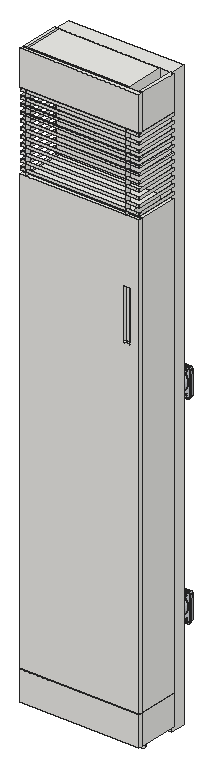
Revit family "57_CRD_ME_Ventura_V1C-C", category Mechanical Equipment, Revit 2020
Family settings
  Round Connector Dimension = Use Diameter
  Classification = None
  Part Type = Normal
  Work Plane-Based = Yes
  Always vertical = Yes
  Cut with Voids When Loaded = No
  Shared = No
  Room Calculation Point = Yes
Parameters (values of type "Ventura_V1C-C")
  voltage = 0 V
  roosters_hoh_maat [instance] = 880 mm
  rooster_offset_Y_onder [instance] = hoh_ventilatie_doorvoeren - roosters_hoh_maat + rooster_offset_Y_boven  # -70 mm
  rooster_offset_Y_boven [instance] = 300 mm
  rooster_offset_X [instance] = 100 mm
  positie_invoer_roosters [instance] = 1
  onderkant_unit_tov_vloerpeil = 0 mm
  muurrooster_waalformaat_rechts [instance] = and(positie_invoer_roosters = 3, muurrooster_waalformaat)  # no
  muurrooster_waalformaat_links [instance] = and(positie_invoer_roosters = 2, muurrooster_waalformaat)  # no
  muurrooster_waalformaat_achter [instance] = and(positie_invoer_roosters = 1, muurrooster_waalformaat)  # no
  muurrooster_waalformaat [instance] = not(muurrooster_vierkant)  # no
  muurrooster_vierkant_rechts [instance] = and(positie_invoer_roosters = 3, muurrooster_vierkant)  # no
  muurrooster_vierkant_links [instance] = and(positie_invoer_roosters = 2, muurrooster_vierkant)  # no
  muurrooster_vierkant_achter [instance] = and(positie_invoer_roosters = 1, muurrooster_vierkant)  # yes
  muurrooster_vierkant [instance] = yes
  materiaal_unit [instance] = Color RAL 9016
  materiaal_muurrooster [instance] = none
  materiaal_kanaal [instance] = none
  invoer_cv [instance] = 0.0 L/s
  hoh_ventilatie_doorvoeren [instance] = 510 mm  # constant formula
  hart_onderste_doorvoer = 250 mm
  hart_doorvoer_tov_wand = 150 mm
  eis_offset_Y [instance] = "negatief getal ivm ontwatering"  # constant formula
  dikte_binnenblad [instance] = 40 mm
  dikte_spouwconstructie [instance] = 400 mm
  diameter_cv = 15 mm
  diameter_condensafvoer = 16 mm  # constant formula
  diameter [instance] = if(connection_diameter_110, 110 mm, 150 mm)  # 150 mm
  debiet_m3h_max [instance] = 250.00 m³  # constant formula
  debiet_m3h [instance] = 100.00 m³
  debiet_Ls [instance] = 0.0 L/s
  connection_diameter_150 [instance] = yes
  connection_diameter_110 [instance] = not(connection_diameter_150)  # no
  breedte_unit = 520 mm
  afvoer_condenswater [instance] = 0.0 L/s
  Power = 0 VA
  Default Elevation = 1219.2 mm
  3=positie_invoer_roosters_rechts [instance] = positie_invoer_roosters = 3  # no
  2=positie_invoer_roosters_links [instance] = positie_invoer_roosters = 2  # no
  1=positie_invoer_roosters_achter [instance] = positie_invoer_roosters = 1  # yes
Reference planes
  plane 1 "Center (Front/Back)": y = 0
  plane 2: z = 0
  plane 3 "Center (Left/Right)": x = 0
  plane 4 "doorvoer_boven": z = 760
  plane 5 "doorvoer_onder": z = 250
  plane 6: y = -150
  plane 7: x = 260
  plane 8: x = -260
  plane 9: y = -100
  plane 10: x = 229
  plane 11 "cv": z = 2435.936
  plane 12: y = -190
Forms (mm)
  Extrusion 1, solid, material "Color RAL 9016" <- "materiaal_unit"
    sketch origin (0, 0, 2435.936) x (0, -1, 0) y (1, 0, 0)
      loop
        circle (150, 229) r 7.5
    from 0 to 10
  Extrusion 2, solid, material "Color RAL 9016" <- "materiaal_unit"
    sketch origin (0, 0, 2435.936) x (0, -1, 0) y (1, 0, 0)
      loop
        circle (100, 229) r 7.5
    from 0 to 10
  Extrusion 3, solid, material "Color RAL 9016" <- "materiaal_unit"
    sketch origin (0, 0, 0) x (1, 0, 0) y (0, 1, 0)
      loop
        circle (229, -190) r 8
    from 0 to -10
Dimensions and locks
  "hoh_ventilatie_doorvoeren": plane 4 "doorvoer_boven" to plane 5 "doorvoer_onder"
  "hart_onderste_doorvoer": plane 5 "doorvoer_onder" to plane 2
  "hart_doorvoer_tov_wand": plane 6 to plane 1 "Center (Front/Back)"
  equal spacing: plane 8, plane 3 "Center (Left/Right)", plane 7
  "breedte_unit": plane 8 to plane 7
  plane 1 "Center (Front/Back)" to plane 6 = 150 mm
  locked: plane 1 "Center (Front/Back)" to plane 9 at 100
  locked: plane 3 "Center (Left/Right)" to plane 10 at 229
  plane 1 "Center (Front/Back)" to plane 12 = 190 mm
  "diameter_cv": diameter of Extrusion 1 sketch curve
  "diameter_cv": diameter of Extrusion 2 sketch curve
  "diameter_condensafvoer": diameter of Extrusion 3 sketch curve
  aligned and locked: level to plane 2
  aligned and locked: plane 6 to nested 2
  aligned and locked: nested 2 to plane 7
  aligned and locked: plane 6 to nested 3
  aligned and locked: nested 8 to plane 6
  aligned and locked: nested 8 to plane 8
  aligned and locked: nested 9 to plane 6
  aligned and locked: nested 9 to plane 8
  aligned and locked: nested 4 to plane 3 "Center (Left/Right)"
  aligned and locked: nested 6 to plane 3 "Center (Left/Right)"
  aligned and locked: nested 4 to plane 1 "Center (Front/Back)"
  aligned and locked: nested 6 to plane 1 "Center (Front/Back)"
Automatic sketch dimensions
  Extrusion 1 sketch curve to plane 6 = 0 mm
  Extrusion 1 sketch curve to plane 10 = 0 mm
  Extrusion 2 sketch curve to plane 9 = 0 mm
  Extrusion 2 sketch curve to plane 10 = 0 mm
  Extrusion 3 sketch curve to plane 10 = 0 mm
  Extrusion 3 sketch curve to plane 12 = 0 mm
Nested families
  nested 1: "57_CRD_ME_Ventura_V1C-C_shared" at (0, 0, 0) x (1, 0, 0) z (0, -1, 0), built-in parameter 1001360 <- "onderkant_unit_tov_vloerpeil", materiaal_muurrooster <- "materiaal_muurrooster", debiet_m3h <- "debiet_m3h", muurrooster_vierkant <- "muurrooster_vierkant", Power <- "Power", diepte_aansluiting_muurrooster <- "dikte_spouwconstructie", lengte_recht_deel_aansluiting_muurrooster <- "dikte_binnenblad", materiaal_kanaal <- "materiaal_kanaal", materiaal_unit <- "materiaal_unit", rooster_offset_X <- "rooster_offset_X", rooster_offset_Y_boven <- "rooster_offset_Y_boven", rooster_offset_Y_onder <- "rooster_offset_Y_onder", Connection Diameter 150mm <- "connection_diameter_150", type "Venture V1C unit"
    with rooster_offset_Y_onder -70 mm, rooster_offset_Y_boven 300 mm, rooster_offset_X 100 mm, muurrooster_waalformaat no, muurrooster_vierkant yes, materiaal_unit Color RAL 9016, materiaal_muurrooster none, materiaal_kanaal none, lengte_recht_deel_aansluiting_muurrooster 40 mm, diepte_aansluiting_muurrooster 400 mm, debiet_m3h 100.00 m³, debiet_Ls 27.7778 L/s, Vertical Right1 no, Vertical Left1 no, Square White1 no, Square Grille Visible no, Square Grey1 no, Service Space no, Right Clearance 0 mm, Reference Line Ventilation Unit Length 260 mm, Reference Line Ventilation Unit Angle 180.00°, Reference Line Grid Length 96 mm, Reference Line Grid Angle 90.00°, Rectangular White1 no, Rectangular Grille Visible yes, Rectangular Brown1 yes, Rectangular Black1 no, Power 0 VA, Line Length 111.1 mm, Left Clearance 20 mm, Inside Diameter Wall Grille 180 mm, Horizontal Right1 no, Horizontal Left1 yes, Grille Wall Transit Length Safe 180 mm, Grille Wall Transit Length 220 mm, Function Code "", Double Rectangular White1 no, Double Rectangular Grille Visible no, Double Rectangular Brown1 no, Double Rectangular Black1 no, Diameter Wall Grille 180 mm, Connector Diameter 150 mm, Connection Diameter 150mm yes, Connection Diameter 110mm no
  nested 2: "57_CRD_AT_aansluiting_muurrooster_flex" at (260, -150, 250) x (0, 1, 0) z (0, 0, 1), materiaal_kanaal <- "materiaal_kanaal", materiaal_rooster <- "materiaal_muurrooster", diepte <- "dikte_spouwconstructie", lengte_recht_deel_aansluiting <- "dikte_binnenblad", offset_X <- "rooster_offset_X", offset_Y <- "rooster_offset_Y_onder", Connection Diameter 150 <- "connection_diameter_150", muurrooster_waalformaat <- "muurrooster_waalformaat_rechts", visible <- "3=positie_invoer_roosters_rechts", muurrooster_vierkant <- "muurrooster_vierkant_rechts", type "Grille"
    with rekenwaarde_offset_Y 930 mm, rekenwaarde_offset_X 1100 mm, offset_Y -70 mm, offset_X 100 mm, muurrooster_waalformaat no, muurrooster_vierkant no, materiaal_rooster none, materiaal_kanaal none, lengte_recht_deel_aansluiting 40 mm, diepte 400 mm, Tube Length 370 mm, R 75 mm, Diameter 150 mm, Connection Diameter 150 yes, Connection Diameter 110 no, Connection Diameter 150 mm
  nested 3: "57_CRD_AT_aansluiting_muurrooster_flex" at (260, -150, 760) x (0, 1, 0) z (0, 0, 1), materiaal_kanaal <- "materiaal_kanaal", materiaal_rooster <- "materiaal_muurrooster", diepte <- "dikte_spouwconstructie", lengte_recht_deel_aansluiting <- "dikte_binnenblad", offset_X <- "rooster_offset_X", offset_Y <- "rooster_offset_Y_boven", Connection Diameter 150 <- "connection_diameter_150", muurrooster_waalformaat <- "muurrooster_waalformaat_rechts", visible <- "3=positie_invoer_roosters_rechts", muurrooster_vierkant <- "muurrooster_vierkant_rechts", type "Grille"
    with rekenwaarde_offset_Y 1300 mm, rekenwaarde_offset_X 1100 mm, offset_Y 300 mm, offset_X 100 mm, muurrooster_waalformaat no, muurrooster_vierkant no, materiaal_rooster none, materiaal_kanaal none, lengte_recht_deel_aansluiting 40 mm, diepte 400 mm, Tube Length 370 mm, R 75 mm, Diameter 150 mm, Connection Diameter 150 yes, Connection Diameter 110 no, Connection Diameter 150 mm
  nested 4: "57_CRD_AT_aansluiting_muurrooster_flex" at (0, 0, 760) x (-1, 0, 0) z (0, 0, 1), materiaal_kanaal <- "materiaal_kanaal", materiaal_rooster <- "materiaal_muurrooster", diepte <- "dikte_spouwconstructie", lengte_recht_deel_aansluiting <- "dikte_binnenblad", offset_X <- "rooster_offset_X", offset_Y <- "rooster_offset_Y_boven", Connection Diameter 150 <- "connection_diameter_150", muurrooster_waalformaat <- "muurrooster_waalformaat_achter", visible <- "1=positie_invoer_roosters_achter", muurrooster_vierkant <- "muurrooster_vierkant_achter", type "Grille"
    with rekenwaarde_offset_Y 1300 mm, rekenwaarde_offset_X 1100 mm, offset_Y 300 mm, offset_X 100 mm, muurrooster_waalformaat no, muurrooster_vierkant yes, materiaal_rooster none, materiaal_kanaal none, lengte_recht_deel_aansluiting 40 mm, diepte 400 mm, Tube Length 370 mm, R 75 mm, Diameter 150 mm, Connection Diameter 150 yes, Connection Diameter 110 no, Connection Diameter 150 mm
  nested 5: "Square Grille" at (-100, 400.025, 1060) x (-1, 0, 0) z (0, 0, 1), type "Square Grille"
    with materiaal none, Function Code ""
  nested 6: "57_CRD_AT_aansluiting_muurrooster_flex" at (0, 0, 250) x (-1, 0, 0) z (0, 0, 1), materiaal_kanaal <- "materiaal_kanaal", materiaal_rooster <- "materiaal_muurrooster", diepte <- "dikte_spouwconstructie", lengte_recht_deel_aansluiting <- "dikte_binnenblad", offset_X <- "rooster_offset_X", offset_Y <- "rooster_offset_Y_onder", Connection Diameter 150 <- "connection_diameter_150", muurrooster_waalformaat <- "muurrooster_waalformaat_achter", visible <- "1=positie_invoer_roosters_achter", muurrooster_vierkant <- "muurrooster_vierkant_achter", type "Grille"
    with rekenwaarde_offset_Y 930 mm, rekenwaarde_offset_X 1100 mm, offset_Y -70 mm, offset_X 100 mm, muurrooster_waalformaat no, muurrooster_vierkant yes, materiaal_rooster none, materiaal_kanaal none, lengte_recht_deel_aansluiting 40 mm, diepte 400 mm, Tube Length 370 mm, R 75 mm, Diameter 150 mm, Connection Diameter 150 yes, Connection Diameter 110 no, Connection Diameter 150 mm
  nested 7: "Square Grille" at (-100, 400.025, 180) x (-1, 0, 0) z (0, 0, 1), type "Square Grille"
    with materiaal none, Function Code ""
  nested 8: "57_CRD_AT_aansluiting_muurrooster_flex" at (-260, -150, 250) x (0, -1, 0) z (0, 0, 1), materiaal_kanaal <- "materiaal_kanaal", materiaal_rooster <- "materiaal_muurrooster", diepte <- "dikte_spouwconstructie", lengte_recht_deel_aansluiting <- "dikte_binnenblad", offset_X <- "rooster_offset_X", offset_Y <- "rooster_offset_Y_onder", Connection Diameter 150 <- "connection_diameter_150", muurrooster_waalformaat <- "muurrooster_waalformaat_links", visible <- "2=positie_invoer_roosters_links", muurrooster_vierkant <- "muurrooster_vierkant_links", type "Grille"
    with rekenwaarde_offset_Y 930 mm, rekenwaarde_offset_X 1100 mm, offset_Y -70 mm, offset_X 100 mm, muurrooster_waalformaat no, muurrooster_vierkant no, materiaal_rooster none, materiaal_kanaal none, lengte_recht_deel_aansluiting 40 mm, diepte 400 mm, Tube Length 370 mm, R 75 mm, Diameter 150 mm, Connection Diameter 150 yes, Connection Diameter 110 no, Connection Diameter 150 mm
  nested 9: "57_CRD_AT_aansluiting_muurrooster_flex" at (-260, -150, 760) x (0, -1, 0) z (0, 0, 1), materiaal_kanaal <- "materiaal_kanaal", materiaal_rooster <- "materiaal_muurrooster", diepte <- "dikte_spouwconstructie", lengte_recht_deel_aansluiting <- "dikte_binnenblad", offset_X <- "rooster_offset_X", offset_Y <- "rooster_offset_Y_boven", Connection Diameter 150 <- "connection_diameter_150", muurrooster_waalformaat <- "muurrooster_waalformaat_links", visible <- "2=positie_invoer_roosters_links", muurrooster_vierkant <- "muurrooster_vierkant_links", type "Grille"
    with rekenwaarde_offset_Y 1300 mm, rekenwaarde_offset_X 1100 mm, offset_Y 300 mm, offset_X 100 mm, muurrooster_waalformaat no, muurrooster_vierkant no, materiaal_rooster none, materiaal_kanaal none, lengte_recht_deel_aansluiting 40 mm, diepte 400 mm, Tube Length 370 mm, R 75 mm, Diameter 150 mm, Connection Diameter 150 yes, Connection Diameter 110 no, Connection Diameter 150 mm
Connectors
  electrical at (0, 0, 1293.5), driven by "voltage"
    settings: on nested 1, index 1, voltage 0 V, apparent load 0 VA, apparent load phase1 0 VA, apparent load phase2 0 VA, apparent load phase3 0 VA, power factor 1, load classification "Other", number of poles 1, system type 31, power factor state 1, is connector primary yes, connector utility no, sub classification motor no, connector description ""
  hvac at (260, -150, 250), driven by "debiet_Ls", driven by "diameter"
    settings: on nested 2, index 2, duct flow 0.0 L/s, flow factor 0, pres drop 0.0 Pa, loss coef 0, conn angle 0.00°, conn width 304.8 mm, conn height 304.8 mm, conn diameter 150 mm, duct sys type 1, conn prof type 0, flow config 0, flow direction 1, loss method 0, conn ref index -1, conn util no, is conn primary yes, conn desc ""
  hvac at (260, -150, 760), driven by "debiet_Ls", driven by "diameter"
    settings: on nested 3, index 3, duct flow 0.0 L/s, flow factor 0, pres drop 0.0 Pa, loss coef 0, conn angle 0.00°, conn width 304.8 mm, conn height 304.8 mm, conn diameter 150 mm, duct sys type 2, conn prof type 0, flow config 0, flow direction 2, loss method 0, conn ref index -1, conn util no, is conn primary no, conn desc ""
  hvac at (-260, -150, 760), driven by "diameter", driven by "debiet_Ls"
    settings: on nested 9, index 4, duct flow 0.0 L/s, flow factor 0, pres drop 0.0 Pa, loss coef 0, conn angle 0.00°, conn width 304.8 mm, conn height 304.8 mm, conn diameter 150 mm, duct sys type 2, conn prof type 0, flow config 0, flow direction 2, loss method 0, conn ref index -1, conn util no, is conn primary no, conn desc ""
  hvac at (-260, -150, 250), driven by "diameter", driven by "debiet_Ls"
    settings: on nested 8, index 5, duct flow 0.0 L/s, flow factor 0, pres drop 0.0 Pa, loss coef 0, conn angle 0.00°, conn width 304.8 mm, conn height 304.8 mm, conn diameter 150 mm, duct sys type 1, conn prof type 0, flow config 0, flow direction 1, loss method 0, conn ref index -1, conn util no, is conn primary no, conn desc ""
  hvac at (0, 0, 760), driven by "diameter", driven by "debiet_Ls"
    settings: on nested 4, index 6, duct flow 0.0 L/s, flow factor 0, pres drop 0.0 Pa, loss coef 0, conn angle 0.00°, conn width 304.8 mm, conn height 304.8 mm, conn diameter 150 mm, duct sys type 2, conn prof type 0, flow config 0, flow direction 2, loss method 0, conn ref index -1, conn util no, is conn primary no, conn desc ""
  hvac at (0, 0, 250), driven by "diameter", driven by "debiet_Ls"
    settings: on nested 6, index 7, duct flow 0.0 L/s, flow factor 0, pres drop 0.0 Pa, loss coef 0, conn angle 0.00°, conn width 304.8 mm, conn height 304.8 mm, conn diameter 150 mm, duct sys type 1, conn prof type 0, flow config 0, flow direction 1, loss method 0, conn ref index -1, conn util no, is conn primary no, conn desc ""
  piping at (229, -150, 2445.936), diameter 15, driven by "diameter_cv", driven by "invoer_cv"
    settings: on Extrusion 1, index 8, connector inside diameter 609.6 mm, connector length 0 mm, flow factor 0, pipe flow 0.0 L/s, pressure drop 0.0 Pa, fitting loss kfactor 0, connector angle 0.00°, fixture units 0, engagement length 0 mm, angle of deflection 0.00°, flow configuration 0, flow direction 1, fitting loss method 0, system type 7, joint type 0, gender type 0, connector reference index -1, connector utility 0, adjustable connector no, is connector primary yes, connector description ""
  piping at (229, -100, 2445.936), diameter 15, driven by "diameter_cv", driven by "invoer_cv"
    settings: on Extrusion 2, index 9, connector inside diameter 609.6 mm, connector length 0 mm, flow factor 0, pipe flow 0.0 L/s, pressure drop 0.0 Pa, fitting loss kfactor 0, connector angle 0.00°, fixture units 0, engagement length 0 mm, angle of deflection 0.00°, flow configuration 0, flow direction 2, fitting loss method 0, system type 8, joint type 0, gender type 0, connector reference index -1, connector utility 0, adjustable connector no, is connector primary no, connector description ""
  piping at (229, -190, -10), diameter 16, driven by "afvoer_condenswater", driven by "diameter_condensafvoer"
    settings: on Extrusion 3, index 10, connector inside diameter 609.6 mm, connector length 0 mm, flow factor 0, pipe flow 0.0 L/s, pressure drop 0.0 Pa, fitting loss kfactor 0, connector angle 0.00°, fixture units 0, engagement length 0 mm, angle of deflection 0.00°, flow configuration 1, flow direction 2, fitting loss method 0, system type 16, joint type 0, gender type 0, connector reference index -1, connector utility 0, adjustable connector no, is connector primary no, connector description ""
Definition of nested family "57_CRD_ME_Ventura_V1C-C_shared"
  Parameters (values of type "Mounting Position - Vertical Left Corner")
    rooster_offset_Y_onder [instance] = 100 mm
    rooster_offset_Y_boven [instance] = -100 mm
    rooster_offset_X [instance] = -100 mm
    muurrooster_waalformaat [instance] = not(muurrooster_vierkant)  # no
    muurrooster_vierkant [instance] = yes
    materiaal_unit [instance] = none
    materiaal_muurrooster [instance] = none
    materiaal_kanaal [instance] = none
    lengte_recht_deel_aansluiting_muurrooster [instance] = 40 mm
    diepte_aansluiting_muurrooster [instance] = 210 mm
    debiet_m3h [instance] = 100.00 m³
    debiet_Ls [instance] = debiet_m3h / 3600.0 s  # 27.7778 L/s
    Width = 520 mm
    Wholesaler Art. No. = ""
    Wholesaler = ""
    Watermarked By = "https://mep.trimble.com"
    Voltage = 230 V
    Vertical Right1 [instance] = if(Mounting = Vertical Right, 1 = 1, 1 = 0)  # no
    Vertical Right = Position : Vertical, Right Corner
    Vertical Left1 [instance] = if(Mounting = Vertical Left, 1 = 1, 1 = 0)  # yes
    Vertical Left = Position : Vertical, Left Corner
    URL = "https://mep.trimble.com"
    Square White1 [instance] = no
    Square Grille Visible [instance] = if(or(Square Grey1, Square White1), 1 = 1, 1 = 0)  # no
    Square Grey1 [instance] = no
    Service Space [instance] = no
    Stabu Code = ""
    Right Clearance [instance] = if(or(Horizontal Right1, Vertical Left1), 20 mm, 0 mm)  # 20 mm
    Revit Version = "2018"  # constant formula
    Reference Line Grid Length [instance] = if(or(Horizontal Left1, Horizontal Right1), 96 mm, 260 mm)  # 260 mm
    Reference Line Grid Angle [instance] = if(Vertical Left1, 0.00°, if(Vertical Right1, 180.00°, 90.00°))  # 0.00°
    Rectangular White1 [instance] = no
    Rectangular Grille Visible [instance] = if(or(Rectangular Black1, Rectangular White1, Rectangular Brown1), 1 = 1, 1 = 0)  # yes
    Rectangular Brown1 [instance] = yes
    Rectangular Black1 [instance] = no
    Product Line = "ClimaRad"  # constant formula
    Power [instance] = 0 VA
    Mounting = Position : Vertical, Left Corner
    Model = "Ventura V1C"
    Manufacturer URL = "https://www.climarad.nl/producten/actueel/climarad-ventura/"
    Manufacturer Art. No. = "3540300"
    Manufacturer = "ClimaRad"  # constant formula
    MEPcontent Class = "VENTILATION_UNIT"  # constant formula
    Reference Line Ventilation Unit Length [instance] = if(or(Vertical Left1, Vertical Right1), 100.3 mm, 260 mm)  # 100.3 mm
    Line Length [instance] = if(Connection Diameter 110mm, 86.4 mm, 111.1 mm)  # 111.1 mm
    Left Clearance [instance] = if(or(Horizontal Left1, Vertical Right1), 20 mm, 0 mm)  # 0 mm
    Internal Art. No. = ""
    Inside Diameter Wall Grille [instance] = if(Connection Diameter 150mm, 180 mm, 140 mm)  # 180 mm
    IFCExportType = "NOTDEFINED"  # constant formula
    IFCExportAs = "IfcAirTerminal"  # constant formula
    Horizontal Right1 [instance] = if(Mounting = Horizontal Right, 1 = 1, 1 = 0)  # no
    Horizontal Right = Position : Horizontal, Right Corner
    Horizontal Left1 [instance] = if(Mounting = Horizontal Left, 1 = 1, 1 = 0)  # no
    Horizontal Left = Position : Horizontal, Left Corner
    Height = 2587 mm
    Grille Wall Transit Length Safe [instance] = 180 mm
    Grille Wall Transit Length [instance] = 220 mm
    GTIN = ""
    GLN = "8719279000001"
    Function Code [instance] = ""  # constant formula
    Family Version = "11.26"  # constant formula
    ETIM Article Class = "EC010004"  # constant formula
    EMCS Version = "4.0"  # constant formula
    Double Rectangular White1 [instance] = no
    Double Rectangular Grille Visible [instance] = if(or(Double Rectangular Brown1, Double Rectangular Black1, Double Rectangular White1), 1 = 1, 1 = 0)  # no
    Double Rectangular Brown1 [instance] = no
    Double Rectangular Black1 [instance] = no
    Diameter Wall Grille [instance] = if(Connection Diameter 110mm, 140 mm, 180 mm)  # 180 mm
    Description = "Ventileren, verwarmen en koelen"
    Depth = 254 mm
    Default Elevation = 0 mm
    Custom = no
    Copyright = "© Trimble Europe BV"  # constant formula
    Content Supplier URL = "www.MEPcontent.com"
    Connection Diameter 150mm [instance] = yes
    Connection Diameter 110mm [instance] = not(Connection Diameter 150mm)  # no
    Connector Diameter [instance] = if(Connection Diameter 150mm, 150 mm, 110 mm)  # 150 mm
    CB-NL Class = ""
    Base Family Version = "12.19"  # constant formula
    Article Type = "Ventura V1C"
    Article Description = "Ventileren, verwarmen en koelen"
    Reference Line Ventilation Unit Angle [instance] = if(Horizontal Left1, 180.00°, if(Horizontal Right1, 0.00°, 90.00°))  # 90.00°
  Types (4, lengths in mm): name | Vertical Right1 | Vertical Left1 | Right Clearance | Reference Line Grid Length | Reference Line Grid Angle | Mounting | Reference Line Ventilation Unit Length | Left Clearance | Horizontal Right1 | Horizontal Left1 | Height | Depth | Reference Line Ventilation Unit Angle
    Mounting Position - Vertical Left Corner | no | yes | 20 | 260 | 0.00° | Position : Vertical, Left Corner | 100.3 | 0 | no | no | 2587 | 254 | 90.00°
    Mounting Position - Vertical Right Corner | yes | no | 0 | 260 | 180.00° | Position : Vertical, Right Corner | 100.3 | 20 | no | no | 2285 | 200 | 90.00°
    Mounting Position - Horizontal Right Corner | no | no | 20 | 96 | 90.00° | Position : Horizontal, Right Corner | 260 | 0 | yes | no | 2285 | 200 | 0.00°
    Mounting Position - Horizontal Left Corner | no | no | 0 | 96 | 90.00° | Position : Horizontal, Left Corner | 260 | 20 | no | yes | 2587 | 254 | 180.00°
  Reference planes
    plane 1 "Center (Front/Back)": y = 0
    plane 2: z = 0
    plane 3 "Center (Left/Right)": x = 0
    plane 4: z = 150
    plane 5: y = 250
    plane 6: y = 760
    plane 7: z = 150
    plane 8: x = 0
    plane 9: y = 250
    plane 10: y = 760
    plane 11: y = 1792
    plane 12: z = 150
    plane 13: y = 760
    plane 14: y = 250
    plane 15: z = 104.3
    plane 16: z = 100
    plane 17: y = 0
    plane 18: y = 2093.425
    plane 19: x = -260
    plane 20: y = 2276.379
    plane 21: y = 2280
    plane 22: z = 15
    plane 23: y = 2587
    plane 24 "front": z = 254
    plane 25: x = -260
    plane 26: x = 260
    plane 27: y = 2435.936
    plane 28: y = 497.575
    plane 29 "Center L/S": z = 250
    plane 30 "front_achterpaneel": z = 65
    plane 31: x = -251
    plane 32: x = 251
    plane 33: y = 21.998
    plane 34: y = 151.998
    plane 35: y = 155.998
    plane 36: y = -1912.425
  Forms (mm)
    Extrusion 1, solid, not visible
      sketch origin (0, 780.8, 0) x (1, 0, 0) y (0, 1, 0)
        loop
          line (-1219.2, 2019.2) -> (-1219.2, -1219.2) -> (1219.2, -1219.2) -> (1219.2, 2019.2) -> (-1219.2, 2019.2)
      from 0 to -304.8
    Extrusion 2, solid, material <- "materiaal_unit", detail levels fine
      sketch origin (202.037, 1919.7, 0) x (0, -1, 0) y (0, 0, -1)
        loop
          circle (1669.7, -150) r 90
        loop
          circle (1159.7, -150) r 90
      from 0 to 46
    Extrusion 3, solid, material <- "materiaal_unit", detail levels fine
      sketch origin (-237.963, 1919.7, 0) x (0, -1, 0) y (0, 0, 1)
        loop
          circle (1669.7, 150) r 90
        loop
          circle (1159.7, 150) r 90
      from 0 to 10.037
    Extrusion 4, solid, material <- "materiaal_unit", detail levels fine
      sketch origin (0, 0, 254) x (1, 0, 0) y (0, 1, 0)
        loop
          line (-260, 155.998) -> (-248, 155.998) -> (-248, 2093.425) -> (-260, 2093.425) -> (-260, 155.998)
      from -20 to -189
    Extrusion 5, solid, material <- "materiaal_unit", detail levels fine
      sketch origin (0, 0, 254) x (1, 0, 0) y (0, -1, 0)
        loop
          line (-260, -2093.425) -> (260, -2093.425) -> (260, -155.998) -> (-260, -155.998) -> (-260, -2093.425)
        loop
          line (197.5, -1816) -> (217.5, -1816)
          arc (217.5, -1816) -> (221.036, -1814.536) -> (222.5, -1811) r 5
          line (222.5, -1811) -> (222.5, -1597)
          arc (222.5, -1597) -> (221.036, -1593.464) -> (217.5, -1592) r 5
          line (217.5, -1592) -> (197.5, -1592)
          arc (197.5, -1592) -> (193.964, -1593.464) -> (192.5, -1597) r 5
          line (192.5, -1597) -> (192.5, -1811)
          arc (192.5, -1811) -> (193.964, -1814.536) -> (197.5, -1816) r 5
      from 0 to 13
    Extrusion 6, solid, material <- "materiaal_unit", detail levels fine
      sketch origin (0, 0, 254) x (1, 0, 0) y (0, 1, 0)
        loop
          line (248, 155.998) -> (260, 155.998) -> (260, 2093.425) -> (248, 2093.425) -> (248, 155.998)
      from -20 to -189
    Extrusion 7, solid, material <- "materiaal_unit", detail levels fine
      sketch origin (0, 0, 0) x (1, 0, 0) y (0, 1, 0)
        loop
          line (-237.963, 2093.425) -> (-237.963, 21.998) -> (202.037, 21.998) -> (202.037, 2093.425) -> (-237.963, 2093.425)
      from 65 to 234
    Extrusion 8, solid, material <- "materiaal_unit", detail levels coarse+medium
      sketch origin (0, 0, 0) x (1, 0, 0) y (0, 1, 0)
        loop
          line (260, 2587) -> (-260, 2587) -> (-260, 21.998) -> (260, 21.998) -> (260, 2587)
      from 65 to 254
    Extrusion 9, solid, material <- "materiaal_unit", detail levels fine
      sketch origin (-260, 1951.479, 7) x (1, 0, 0) y (0, 0, -1)
        loop
          line (0, -58) -> (0, -244.8)
          arc (0, -244.8) -> (0.644, -246.356) -> (2.2, -247) r 2.2
          line (2.2, -247) -> (517.8, -247)
          arc (517.8, -247) -> (519.356, -246.356) -> (520, -244.8) r 2.2
          line (520, -244.8) -> (520, -58) -> (518.8, -58) -> (518.8, -243.8)
          arc (518.8, -243.8) -> (518.507, -244.507) -> (517.8, -244.8) r 1
          line (517.8, -244.8) -> (2.2, -244.8)
          arc (2.2, -244.8) -> (1.493, -244.507) -> (1.2, -243.8) r 1
          line (1.2, -243.8) -> (1.2, -58) -> (0, -58)
      from 141.946 to 484.457
    Extrusion 10, void
      sketch origin (0, 0, 0) x (1, 0, 0) y (0, 1, 0)
        loop
          line (313.8, 2111.425) -> (-292.828, 2111.425) -> (-292.828, 2093.425) -> (313.8, 2093.425) -> (313.8, 2111.425)
        loop
          line (313.8, 2141.936) -> (-292.828, 2141.936) -> (-292.828, 2121.936) -> (313.8, 2121.936) -> (313.8, 2141.936)
        loop
          line (313.8, 2172.936) -> (-292.828, 2172.936) -> (-292.828, 2152.936) -> (313.8, 2152.936) -> (313.8, 2172.936)
        loop
          line (313.8, 2203.936) -> (-292.828, 2203.936) -> (-292.828, 2183.936) -> (313.8, 2183.936) -> (313.8, 2203.936)
        loop
          line (313.8, 2234.936) -> (-292.828, 2234.936) -> (-292.828, 2214.936) -> (313.8, 2214.936) -> (313.8, 2234.936)
        loop
          line (313.8, 2265.936) -> (-292.828, 2265.936) -> (-292.828, 2245.936) -> (313.8, 2245.936) -> (313.8, 2265.936)
        loop
          line (313.8, 2296.936) -> (-292.828, 2296.936) -> (-292.828, 2276.936) -> (313.8, 2276.936) -> (313.8, 2296.936)
        loop
          line (313.8, 2327.936) -> (-292.828, 2327.936) -> (-292.828, 2307.936) -> (313.8, 2307.936) -> (313.8, 2327.936)
        loop
          line (313.8, 2358.936) -> (-292.828, 2358.936) -> (-292.828, 2338.936) -> (313.8, 2338.936) -> (313.8, 2358.936)
        loop
          line (313.8, 2389.936) -> (-292.828, 2389.936) -> (-292.828, 2369.936) -> (313.8, 2369.936) -> (313.8, 2389.936)
        loop
          line (313.8, 2420.936) -> (-292.828, 2420.936) -> (-292.828, 2400.936) -> (313.8, 2400.936) -> (313.8, 2420.936)
        loop
          line (313.8, 2435.936) -> (-292.828, 2435.936) -> (-292.828, 2431.936) -> (313.8, 2431.936) -> (313.8, 2435.936)
      from 0 to 254 <- "Depth"
    Extrusion 11, solid, material <- "materiaal_unit", detail levels fine
      sketch origin (-257.8, 1951.479, 251.8) x (0, -1, 0) y (-1, 0, 0)
        loop
          line (-141.946, -19.837) -> (-484.457, -19.837) -> (-484.457, -21.6) -> (-141.946, -21.6) -> (-141.946, -19.837)
        loop
          line (-141.946, -458) -> (-484.457, -458) -> (-484.457, -459.837) -> (-141.946, -459.837) -> (-141.946, -458)
      from 0 to 22.6
    Extrusion 12, solid, material <- "materiaal_unit", detail levels fine
      sketch origin (0, 0, 0) x (1, 0, 0) y (0, 1, 0)
        loop
          line (-237.963, 2587) -> (-237.963, 2435.936) -> (202.037, 2435.936) -> (202.037, 2587) -> (-237.963, 2587)
      from 65 to 234
    Extrusion 13, solid, material <- "materiaal_unit", detail levels fine
      sketch origin (0, 0, 254) x (1, 0, 0) y (0, 1, 0)
        loop
          line (-260, 2435.936) -> (-248, 2435.936) -> (-248, 2587) -> (-260, 2587) -> (-260, 2435.936)
      from -20 to -189
    Extrusion 14, solid, material <- "materiaal_unit", detail levels fine
      sketch origin (0, 0, 254) x (1, 0, 0) y (0, -1, 0)
        loop
          line (-260, -2587) -> (260, -2587) -> (260, -2435.936) -> (-260, -2435.936) -> (-260, -2587)
      from 0 to 13
    Extrusion 15, solid, material <- "materiaal_unit", detail levels fine
      sketch origin (0, 0, 254) x (1, 0, 0) y (0, 1, 0)
        loop
          line (248, 2435.936) -> (260, 2435.936) -> (260, 2587) -> (248, 2587) -> (248, 2435.936)
      from -20 to -189
    Extrusion 16, solid, material <- "materiaal_unit"
      sketch origin (0, 0, 0) x (1, 0, 0) y (0, 1, 0)
        loop
          line (251, 2587) -> (-251, 2587) -> (-251, 0) -> (251, 0) -> (251, 2587)
      from 0 to 65
    Extrusion 17, solid, material <- "materiaal_unit", detail levels fine
      sketch origin (0, -2410, 254) x (1, 0, 0) y (0, 1, 0)
        loop
          line (-260, 2431.998) -> (-248, 2431.998) -> (-248, 2561.998) -> (-260, 2561.998) -> (-260, 2431.998)
      from -20 to -189
    Extrusion 18, solid, material <- "materiaal_unit", detail levels fine
      sketch origin (0, -2410, 254) x (1, 0, 0) y (0, -1, 0)
        loop
          line (-260, -2561.998) -> (260, -2561.998) -> (260, -2431.998) -> (-260, -2431.998) -> (-260, -2561.998)
      from 0 to 13
    Extrusion 19, solid, material <- "materiaal_unit", detail levels fine
      sketch origin (0, -2410, 254) x (1, 0, 0) y (0, 1, 0)
        loop
          line (248, 2431.998) -> (260, 2431.998) -> (260, 2561.998) -> (248, 2561.998) -> (248, 2431.998)
      from -20 to -189
  Cuts and joins
    joined: Extrusion 2, Extrusion 3
    joined: Extrusion 7, Extrusion 11
    Extrusion 10 cuts Extrusion 9
  Dimensions and locks
    plane 4 to level = 150 mm
    plane 5 to plane 6 = 510 mm
    plane 1 "Center (Front/Back)" to plane 9 = 250 mm
    Extrusion 6 sketch curve to Extrusion 5 = 12 mm
    Extrusion 5 to Extrusion 4 sketch curve = 12 mm
    Extrusion 8 to plane 18 = 493.575 mm
    "Height": plane 23 to plane 17
    equal spacing: plane 25, plane 3 "Center (Left/Right)", plane 26
    "Width": plane 25 to plane 26
    plane 27 to plane 18 = 342.511 mm
    Extrusion 15 sketch curve to Extrusion 14 = 12 mm
    Extrusion 14 to Extrusion 13 sketch curve = 12 mm
    locked: plane 24 "front" to plane 29 "Center L/S" at 4
    plane 24 "front" to level = 254 mm
    plane 30 "front_achterpaneel" to plane 2 = 65 mm
    locked: plane 25 to plane 31 at 9
    locked: plane 32 to plane 26 at 9
    plane 33 to plane 1 "Center (Front/Back)" = 21.998 mm
    plane 35 to plane 34 = 4 mm
    plane 34 to plane 33 = 130 mm
    Extrusion 19 sketch curve to Extrusion 18 = 12 mm
    Extrusion 18 to Extrusion 17 sketch curve = 12 mm
    "Diameter Wall Grille": diameter of Extrusion 2 sketch curve  (x2)
    "Diameter Wall Grille": diameter of Extrusion 3 sketch curve  (x2)
    aligned and locked: plane 2 to Extrusion 1
    aligned and locked: level to Extrusion 1
    aligned and locked: Extrusion 4 to Extrusion 6  (x2)
    aligned and locked: plane 4 to Extrusion 2 sketch curve
    aligned and locked: plane 7 to Extrusion 3 sketch curve
    aligned and locked: plane 14 to Extrusion 3 sketch curve
    aligned and locked: plane 17 to plane 1 "Center (Front/Back)"
    aligned and locked: plane 23 to Extrusion 8 sketch curve
    aligned and locked: Extrusion 8 sketch curve to plane 25
    aligned and locked: plane 26 to Extrusion 8 sketch curve
    aligned and locked: plane 18 to Extrusion 6
    aligned and locked: plane 18 to Extrusion 4
    aligned and locked: plane 18 to cut or joined group of Extrusion 7, Extrusion 11
    aligned and locked: Extrusion 11 sketch curve to plane 27
    aligned and locked: Extrusion 11 sketch curve to plane 18
    aligned and locked: Extrusion 12 sketch curve to plane 23
    aligned and locked: plane 27 to Extrusion 12 sketch curve
    aligned and locked: Extrusion 13 to Extrusion 15
    aligned and locked: plane 27 to Extrusion 14 sketch curve
    aligned and locked: plane 27 to Extrusion 15 sketch curve
    aligned and locked: plane 27 to Extrusion 13 sketch curve
    aligned and locked: Extrusion 8 to plane 24 "front"
    aligned and locked: plane 30 "front_achterpaneel" to Extrusion 8
    aligned and locked: Extrusion 8 to Extrusion 6
    aligned and locked: plane 30 "front_achterpaneel" to Extrusion 9 sketch curve
    aligned and locked: Extrusion 9 sketch curve to plane 30 "front_achterpaneel"
    aligned and locked: Extrusion 12 to Extrusion 4
    aligned and locked: Extrusion 4 to Extrusion 12
    aligned and locked: Extrusion 5 to Extrusion 10
    aligned and locked: plane 32 to Extrusion 16 sketch curve
    aligned and locked: Extrusion 16 sketch curve to plane 31
    aligned and locked: plane 23 to Extrusion 16 sketch curve
    aligned and locked: plane 35 to Extrusion 4 sketch curve
    aligned and locked: plane 35 to Extrusion 6 sketch curve
    aligned and locked: plane 35 to Extrusion 5 sketch curve
    aligned and locked: Extrusion 17 to Extrusion 19
    aligned and locked: plane 33 to Extrusion 18 sketch curve
    aligned and locked: Extrusion 18 sketch curve to plane 34
    aligned and locked: Extrusion 18 sketch curve to plane 26
    aligned and locked: plane 25 to Extrusion 18 sketch curve
    aligned and locked: plane 33 to Extrusion 17 sketch curve
    aligned and locked: Extrusion 17 sketch curve to plane 34
    aligned and locked: plane 33 to Extrusion 19 sketch curve
    aligned and locked: plane 34 to Extrusion 19 sketch curve
    aligned and locked: Extrusion 8 sketch curve to plane 33
    aligned and locked: plane 33 to Extrusion 7 sketch curve
  Automatic sketch dimensions
    Extrusion 1 sketch curve to Extrusion 1 sketch curve = 2438.4 mm
    Extrusion 1 sketch curve to Extrusion 1 sketch curve = 3238.4 mm
    Extrusion 4 sketch curve to plane 18 = 0 mm
    Extrusion 4 sketch curve to plane 19 = 0 mm
    Extrusion 5 sketch curve to plane 19 = 0 mm
    Extrusion 5 sketch curve to plane 26 = 0 mm
    Extrusion 5 sketch curve to plane 18 = 0 mm
    Extrusion 5 sketch curve to plane 32 = 58.5 mm
    Extrusion 5 sketch curve to Extrusion 5 sketch curve = 5 mm  (x3)
    Extrusion 5 sketch curve to Extrusion 5 sketch curve = 20 mm  (x2)
    Extrusion 5 sketch curve to plane 11 = 200 mm
    plane 11 to Extrusion 5 sketch curve = 19 mm
    Extrusion 6 sketch curve to plane 26 = 0 mm
    Extrusion 6 sketch curve to plane 18 = 0 mm
    Extrusion 7 sketch curve to plane 18 = 0 mm
    plane 31 to Extrusion 7 sketch curve = 13.037 mm
    Extrusion 7 sketch curve to plane 32 = 48.963 mm
    plane 19 to Extrusion 9 sketch curve = 0 mm
    Extrusion 9 sketch curve to plane 24 "front" = 0 mm
    Extrusion 9 sketch curve to plane 26 = 0 mm
    Extrusion 9 sketch curve to plane 19 = 1.2 mm
    Extrusion 9 sketch curve to Extrusion 9 sketch curve = 1 mm
    Extrusion 9 sketch curve to Extrusion 9 sketch curve = 0 mm  (x3)
    Extrusion 9 sketch curve to plane 26 = 2.2 mm
    Extrusion 9 sketch curve to Extrusion 9 sketch curve = 1.2 mm
    Extrusion 10 sketch curve to plane 27 = 0 mm
    Extrusion 10 sketch curve to plane 18 = 0 mm
    Extrusion 10 sketch curve to plane 27 = 4 mm
    plane 19 to Extrusion 10 sketch curve = 32.828 mm  (x2)
    Extrusion 10 sketch curve to Extrusion 10 sketch curve = 0 mm  (x21)
    plane 20 to Extrusion 10 sketch curve = 0.557 mm
    Extrusion 10 sketch curve to plane 21 = 16.936 mm
    plane 26 to Extrusion 10 sketch curve = 53.8 mm
    Extrusion 10 sketch curve to plane 27 = 15 mm
    plane 18 to Extrusion 10 sketch curve = 18 mm
    Extrusion 10 sketch curve to Extrusion 10 sketch curve = 10.511 mm
    Extrusion 10 sketch curve to Extrusion 10 sketch curve = 20 mm  (x7)
    Extrusion 10 sketch curve to Extrusion 10 sketch curve = 11 mm  (x8)
    Extrusion 10 sketch curve to plane 20 = 10.443 mm
    Extrusion 11 sketch curve to Extrusion 9 = 0 mm
    Extrusion 9 to Extrusion 11 sketch curve = 0 mm
    Extrusion 9 to Extrusion 11 sketch curve = 19.837 mm
    Extrusion 11 sketch curve to Extrusion 11 sketch curve = 1.763 mm
    Extrusion 11 sketch curve to Extrusion 9 = 57.6 mm
    Extrusion 11 sketch curve to Extrusion 11 sketch curve = 1.837 mm
    plane 31 to Extrusion 12 sketch curve = 13.037 mm
    Extrusion 12 sketch curve to plane 32 = 48.963 mm
    Extrusion 13 sketch curve to plane 19 = 0 mm
    Extrusion 13 sketch curve to plane 23 = 0 mm
    Extrusion 14 sketch curve to plane 19 = 0 mm
    Extrusion 14 sketch curve to plane 26 = 0 mm
    Extrusion 14 sketch curve to plane 23 = 0 mm
    Extrusion 15 sketch curve to plane 26 = 0 mm
    Extrusion 15 sketch curve to plane 23 = 0 mm
    plane 1 "Center (Front/Back)" to Extrusion 16 sketch curve = 0 mm
    Extrusion 17 sketch curve to plane 19 = 0 mm
    Extrusion 19 sketch curve to plane 26 = 0 mm
    Extrusion 2 sketch curve to plane 4 = 0 mm
    Extrusion 2 sketch curve to plane 10 = 0 mm
    Extrusion 2 sketch curve to plane 9 = 0 mm
    Extrusion 3 sketch curve to plane 6 = 0 mm
    Extrusion 3 sketch curve to plane 7 = 0 mm
  Nested families
    nested 1: "Service Space" at (0, 1144.5, 0), visible <- "Service Space", Show Service Area <- "Service Space", type "Service Space"
      with Show Service Area no, Depth 2289 mm, Height 204 mm
  Definition of nested family "Service Space"
    Parameters (values of type "Service Space")
      Depth = 2280 mm
      Watermarked By = "www.stabiplan.com"
      URL = "www.stabiplan.com"
      Type Comments = "﻿﻿            ​   ​     ​         ​ ​     ​            ​       ​                   ​   ​       ​      ﻿ ﻿       ​       ﻿    ﻿ ﻿          ﻿﻿"
      Show Service Area [instance] = yes
      Top Clearance = 0 mm
      Right Clearance = 20 mm
      Left Clearance = 0 mm
      Keynote = "﻿﻿            ​   ​     ​         ​ ​     ​            ​       ​                   ​   ​       ​      ﻿ ﻿       ​       ﻿    ﻿ ﻿          ﻿﻿"
      Glass = none
      Front Clearance = 0 mm
      Default Elevation = 0 mm
      Bottom Clearance = 0 mm
      Model = ""
      Manufacturer = ""
      Width = 520 mm
      Height = 203 mm
      Description = "﻿﻿            ​   ​     ​         ​ ​     ​            ​       ​                   ​   ​       ​      ﻿ ﻿       ​       ﻿    ﻿ ﻿          ﻿﻿"
      Manufacturer URL = ""
      Copyright = "© Stabiplan BV / Stabiplan International BV"  # constant formula
      Back Clearance = 0 mm
      Assembly Code = "﻿﻿            ​   ​     ​         ​ ​     ​            ​       ​                   ​   ​       ​      ﻿ ﻿       ​       ﻿    ﻿ ﻿          ﻿﻿"
    Reference planes
      plane 1 "Center (Front/Back)": y = 0
      plane 2: z = 0
      plane 3 "Center (Left/Right)": x = 0
      plane 4: x = 260
      plane 5: x = -260
      plane 6: z = 0
      plane 7: z = 203
      plane 8: x = -255
      plane 9: x = 255
      plane 10: z = -20
      plane 11: y = -1140
      plane 12: x = 280
      plane 13: x = -260
      plane 14: z = 203
      plane 15: y = 1140
      plane 16: y = -1140
      plane 17: y = 1140
    Forms (mm)
      Extrusion 1, solid, material <- "Glass", visible <- "Show Service Area"
        sketch origin (0, 0, 0) x (1, 0, 0) y (0, 1, 0)
          loop
            line (-260, 1140) -> (-260, -1140) -> (280, -1140) -> (280, 1140) -> (-260, 1140)
        from 0 to 203
    Dimensions and locks
      equal spacing: plane 5, plane 3 "Center (Left/Right)", plane 4
      "Width": plane 5 to plane 4
      "Bottom Clearance": plane 6 to plane 2
      "Height": plane 7 to plane 6
      locked: plane 8 to plane 5 at 5
      locked: plane 9 to plane 4 at 5
      locked: plane 6 to plane 10 at 20
      "Right Clearance": plane 12 to plane 4
      "Left Clearance": plane 13 to plane 5
      "Top Clearance": plane 14 to plane 7
      equal spacing: plane 16, plane 1 "Center (Front/Back)", plane 15
      "Back Clearance": plane 17 to plane 15
      "Depth": plane 15 to plane 16
      "Front Clearance": plane 11 to plane 16
      aligned and locked: level to plane 2
      aligned and locked: plane 14 to Extrusion 1
      aligned and locked: Extrusion 1 to plane 17
    Automatic sketch dimensions
      Extrusion 1 sketch curve to plane 13 = 0 mm
      plane 11 to Extrusion 1 sketch curve = 0 mm
      Extrusion 1 sketch curve to plane 12 = 0 mm
      Extrusion 1 sketch curve to plane 1 "Center (Front/Back)" = 1140 mm
Definition of nested family "57_CRD_AT_aansluiting_muurrooster_flex"
  Parameters (values of type "Grille")
    rekenwaarde_offset_Y [instance] = offset_Y + 1000 mm  # 1150 mm
    rekenwaarde_offset_X [instance] = offset_X + 1000 mm  # 1150 mm
    offset_Y [instance] = 150 mm
    offset_X [instance] = 150 mm
    muurrooster_waalformaat [instance] = yes
    muurrooster_vierkant [instance] = no
    materiaal_rooster [instance] = none
    materiaal_kanaal [instance] = none
    lengte_recht_deel_aansluiting [instance] = 100 mm
    diepte [instance] = 600 mm
    Width = 210 mm
    Watermarked By = ""
    URL = "www.stabiplan.com"
    Tube Length [instance] = if(muurrooster_waalformaat, diepte - 80 mm, diepte - 30 mm)  # 520 mm
    R [instance] = Connection Diameter / 2  # 75 mm
    Model = ""
    Manufacturer = "ClimaRad"  # constant formula
    IFCExportType = "GRILLE"  # constant formula
    IFCExportAs = "IfcAirTerminal"  # constant formula
    Height = 53 mm
    Diameter [instance] = Connection Diameter  # 150 mm
    Description = ""
    Depth = 7.5 mm
    Default Elevation = 1219.2 mm
    Connection Diameter 150 [instance] = yes
    Connection Diameter 110 [instance] = not(Connection Diameter 150)  # no
    Connection Diameter [instance] = if(Connection Diameter 110, 110 mm, 150 mm)  # 150 mm
    Keynote = "﻿﻿​        ﻿﻿  ﻿ ﻿   ﻿ ﻿ ﻿     ﻿   ﻿ ﻿  ﻿﻿ ﻿     ​                      ﻿     ﻿     ​         ​              ﻿                           ​﻿﻿"
    Type Comments = "﻿﻿​        ﻿﻿  ﻿ ﻿   ﻿ ﻿ ﻿     ﻿   ﻿ ﻿  ﻿﻿ ﻿     ​                      ﻿     ﻿     ​         ​              ﻿                           ​﻿﻿"
    Assembly Code = "﻿﻿​        ﻿﻿  ﻿ ﻿   ﻿ ﻿ ﻿     ﻿   ﻿ ﻿  ﻿﻿ ﻿     ​                      ﻿     ﻿     ​         ​              ﻿                           ​﻿﻿"
  Reference planes
    plane 1 "Center (Front/Back)": y = 0
    plane 2: z = 0
    plane 3 "Center (Left/Right)": x = 0
    plane 4: y = -340.025
    plane 5: x = 43
    plane 6: x = -43
    plane 7 "achterkant_rooster": y = -520
    plane 8: x = -1000
    plane 9: z = -1000
    plane 10: x = 150
    plane 11 "level_muurrooster": z = 150
    plane 12 "asp_rooster": y = -470.025
    plane 13 "ventura_ASP": y = -100
    plane 14: y = -550.025
    plane 15: y = -600.025
  Forms (mm)
    Extrusion 1, solid, material <- "materiaal_kanaal"
      sketch origin (0, -100, 0) x (-1, 0, 0) y (0, 0, 1)
        loop
          circle (0, 0) r 75
      from 0 to 100
    Blend 2, solid, material <- "materiaal_kanaal"
      base sketch origin (0, -100, 0) x (-1, 0, 0) y (0, 0, 1)
        loop
          circle (0, 0) r 75
      top sketch origin (0, -470.025, 0) x (-1, 0, 0) y (0, 0, 1)
        loop
          circle (-150, 150.501) r 75
      from 0 to 0
    SweptBlend 3, solid, material <- "materiaal_kanaal"
      path origin (0, -430.025, 150) x (-1, 0, 0) y (0, -1, 0)
        loop
          line (-150, 40) -> (-150, 89.975)
      profile origin (150, -470.025, 150) x (1, 0, 0) y (0, 0, 1)
        loop
          circle (0, 0.501) r 75
      end profile origin (150, -520, 150) x (1, 0, 0) y (0, 0, 1)
        loop
          circle (0, 0.501) r 50
  Lines and regions (mm)
    model lines
      curve 1: line (150, -470.025, 150) -> (150, -520, 150)
  Dimensions and locks
    equal spacing: plane 6, plane 3 "Center (Left/Right)", plane 5
    locked: plane 6 to plane 5 at 86
    plane 1 "Center (Front/Back)" to plane 4 = 340.025 mm
    plane 7 "achterkant_rooster" to plane 1 "Center (Front/Back)" = 520 mm
    locked: plane 3 "Center (Left/Right)" to plane 8 at 1000
    locked: plane 2 to plane 9 at 1000
    "rekenwaarde_offset_Y": plane 11 "level_muurrooster" to plane 9
    "rekenwaarde_offset_X": plane 10 to plane 8
    locked: plane 14 to plane 15 at 50
    "Tube Length": plane 7 "achterkant_rooster" to plane 1 "Center (Front/Back)"
    locked: plane 7 "achterkant_rooster" to plane 12 "asp_rooster" at 49.975
    locked: plane 15 to plane 7 "achterkant_rooster" at 80.025
    "lengte_recht_deel_aansluiting": plane 1 "Center (Front/Back)" to plane 13 "ventura_ASP"
    "Diameter": diameter of Extrusion 1 sketch curve
    "Diameter": diameter of Blend 2 sketch curve  (x2)
    "Diameter": diameter of SweptBlend 3 sketch curve
    aligned and locked: level to plane 2
    aligned and locked: plane 7 "achterkant_rooster" to SweptBlend 3 sketch curve
    aligned and locked: plane 12 "asp_rooster" to SweptBlend 3 sketch curve
    aligned and locked: plane 10 to nested 1
    aligned and locked: nested 2 to plane 14
    aligned and locked: plane 10 to nested 2
    aligned and locked: nested 1 to plane 15
    aligned and locked: Extrusion 1 to plane 1 "Center (Front/Back)"
  Automatic sketch dimensions
    plane 7 "achterkant_rooster" to curve 1 = 0 mm
    curve 1 to plane 10 = 0 mm
    curve 1 to plane 12 "asp_rooster" = 0 mm
    SweptBlend 3 sketch curve to plane 10 = 0 mm
    profile plane to SweptBlend 3 sketch curve = 0 mm  (x2)
    plane 11 "level_muurrooster" to SweptBlend 3 sketch curve = 0.501 mm  (x2)
    Extrusion 1 sketch curve to level = 0 mm
    Extrusion 1 sketch curve to plane 3 "Center (Left/Right)" = 0 mm
    Blend 2 sketch curve to level = 0 mm
    Blend 2 sketch curve to plane 3 "Center (Left/Right)" = 0 mm
    Blend 2 sketch curve to Blend 2 sketch curve = 0 mm  (x2)
    Blend 2 sketch curve to plane 10 = 0 mm
    plane 11 "level_muurrooster" to Blend 2 sketch curve = 0.501 mm
    radius of SweptBlend 3 sketch curve = 50 mm
  Nested families
    nested 1: "Rectangular Grille" at (150, -600.025, 150), materiaal <- "materiaal_rooster", visible <- "muurrooster_waalformaat", type "Rectangular Grille"
      with materiaal none, Function Code ""
    nested 2: "Square Grille" at (150, -550.025, 150), materiaal <- "materiaal_rooster", visible <- "muurrooster_vierkant", type "Square Grille"
      with materiaal none, Function Code ""
  Definition of nested family "Rectangular Grille"
    Parameters (values of type "Rectangular Grille")
      Width = 210 mm
      Wholesaler Art. No. = ""
      Wholesaler = ""
      materiaal [instance] = none
      Watermarked By = "www.stabiplan.com"
      URL = "www.stabiplan.com"
      Type Comments = "﻿﻿ ﻿ ﻿﻿﻿﻿﻿﻿          ​          ﻿       ﻿   ﻿  ﻿  ﻿  ﻿​     ​​  ​​   ​​   ﻿﻿     ​      ​​  ​​      ﻿     ﻿   ﻿      ﻿  ﻿﻿"
      Stabu Code = ""
      Revit Version = "2014"  # constant formula
      Product Line = "ClimaRad"
      Model = "53x210"
      Manufacturer URL = "www.climarad.com"
      Manufacturer Art. No. = "3511103"
      Manufacturer = "ClimaRad"
      MEPcontent Class = "GRILLE"  # constant formula
      Keynote = "﻿﻿ ﻿ ﻿﻿﻿﻿﻿﻿          ​          ﻿       ﻿   ﻿  ﻿  ﻿  ﻿​     ​​  ​​   ​​   ﻿﻿     ​      ​​  ​​      ﻿     ﻿   ﻿      ﻿  ﻿﻿"
      Internal Art. No. = ""
      IFCExportType = "GRILLE"  # constant formula
      IFCExportAs = "IfcAirTerminalType"  # constant formula
      Height = 53 mm
      GTIN = ""
      Function Code [instance] = ""
      Family Version = "10.04"  # constant formula
      ETIM Article Class = "EC001297"
      EMCS Version = "2.0"  # constant formula
      Description = "Aluminium brick"
      Depth = 7.5 mm
      Default Elevation = 1219.2 mm
      Custom = no
      Copyright = "© Stabiplan International BV"  # constant formula
      Content Supplier URL = "www.mepcontent.eu"
      CB-NL Class = ""
      Assembly Code = "﻿﻿ ﻿ ﻿﻿﻿﻿﻿﻿          ​          ﻿       ﻿   ﻿  ﻿  ﻿  ﻿​     ​​  ​​   ​​   ﻿﻿     ​      ​​  ​​      ﻿     ﻿   ﻿      ﻿  ﻿﻿"
      Article Type = "53x210"
      Article Description = "Aluminium brick"
    Reference planes
      plane 1 "Center (Front/Back)": y = 0
      plane 2: z = 0
      plane 3 "Center (Left/Right)": x = 0
      plane 4: y = 90
    Forms (mm)
      Revolve 1, solid, material <- "materiaal", detail levels fine
        sketch origin (0, 50, 0) x (0, 1, 0) y (0, 0, 1)
          loop
            arc (39.018, 42.11) -> (39.963, 43.055) -> (39.018, 44) r 0.945
            line (39.018, 44) -> (38.22, 44)
            arc (38.22, 44) -> (37.144, 44.34) -> (36.461, 45.238) r 1.868
            line (36.461, 45.238) -> (36.176, 46.035)
            arc (36.176, 46.035) -> (35.58, 46.509) -> (34.985, 46.035) r 0.611
            line (34.985, 46.035) -> (34.985, 44.473)
            arc (34.985, 44.473) -> (34.391, 43.99) -> (33.796, 44.473) r 0.607
            line (33.796, 44.473) -> (33.796, 46.019)
            arc (33.796, 46.019) -> (33.188, 46.501) -> (32.58, 46.019) r 0.625
            line (32.58, 46.019) -> (32.287, 45.206)
            arc (32.287, 45.206) -> (31.587, 44.307) -> (30.491, 43.995) r 1.834
            line (30.491, 43.995) -> (29.298, 43.995)
            arc (29.298, 43.995) -> (28.157, 44.349) -> (27.417, 45.286) r 2.015
            line (27.417, 45.286) -> (27.157, 46.035)
            arc (27.157, 46.035) -> (26.562, 46.509) -> (25.966, 46.035) r 0.611
            line (25.966, 46.035) -> (25.966, 44.473)
            arc (25.966, 44.473) -> (25.372, 43.99) -> (24.777, 44.473) r 0.607
            line (24.777, 44.473) -> (24.777, 46.019)
            arc (24.777, 46.019) -> (24.169, 46.501) -> (23.561, 46.019) r 0.625
            line (23.561, 46.019) -> (23.268, 45.206)
            arc (23.268, 45.206) -> (22.536, 44.329) -> (21.442, 44) r 1.985
            line (21.442, 44) -> (0, 44) -> (0, 42.11) -> (39.018, 42.11)
          axis (39.018, 0) -> (0, 0)
        angle from 0 to 360
      Sweep 2, solid, material <- "materiaal", detail levels fine
        path origin (0, 0, 0) x (1, 0, 0) y (0, 0, 1)
          loop
            line (-104, 25.5) -> (-104, -25.5) -> (104, -25.5) -> (104, 25.5) -> (-104, 25.5)
        profile origin (0, 0, 25.5) x (0, 0, 1) y (0, -1, 0)
          loop
            line (-3.5, 6.5) -> (-0.973, 6.5)
            arc (-0.973, 6.5) -> (-0.285, 6.215) -> (0, 5.527) r 0.973
            line (0, 5.527) -> (0, 0) -> (1, 0) -> (1, 5.549)
            arc (1, 5.549) -> (0.429, 6.929) -> (-0.951, 7.5) r 1.951
            line (-0.951, 7.5) -> (-3.5, 7.5) -> (-3.5, 6.5)
      Extrusion 3, solid, material <- "materiaal", detail levels fine
        sketch origin (0, 0, 0) x (0, 1, 0) y (0, 0, 1)
          loop
            line (13.466, 12.788) -> (0.018, 16.392)
            arc (0.018, 16.392) -> (-0.847, 16.43) -> (-1.647, 16.098) r 2
            line (-1.647, 16.098) -> (-7.5, 12) -> (-6.926, 11.181) -> (-1.074, 15.279)
            arc (-1.074, 15.279) -> (-0.674, 15.445) -> (-0.241, 15.426) r 1
            line (-0.241, 15.426) -> (13.207, 11.822) -> (13.466, 12.788)
          loop
            line (13.466, 0.788) -> (0.018, 4.392)
            arc (0.018, 4.392) -> (-0.847, 4.43) -> (-1.647, 4.098) r 2
            line (-1.647, 4.098) -> (-7.5, 0) -> (-6.926, -0.819) -> (-1.074, 3.279)
            arc (-1.074, 3.279) -> (-0.674, 3.445) -> (-0.241, 3.426) r 1
            line (-0.241, 3.426) -> (13.207, -0.178) -> (13.466, 0.788)
          loop
            line (13.466, -11.212) -> (0.018, -7.608)
            arc (0.018, -7.608) -> (-0.847, -7.57) -> (-1.647, -7.902) r 2
            line (-1.647, -7.902) -> (-7.5, -12) -> (-6.926, -12.819) -> (-1.074, -8.721)
            arc (-1.074, -8.721) -> (-0.674, -8.555) -> (-0.241, -8.574) r 1
            line (-0.241, -8.574) -> (13.207, -12.178) -> (13.466, -11.212)
        from -99.5 to 99.5
      Extrusion 4, solid, material <- "materiaal", detail levels fine
        sketch origin (0, 0, 0) x (1, 0, 0) y (0, 1, 0)
          loop
            line (-104, 0) -> (-104, -4.5)
            arc (-104, -4.5) -> (-103.414, -5.914) -> (-102, -6.5) r 2
            line (-102, -6.5) -> (-100.377, -6.5)
            arc (-100.377, -6.5) -> (-99.058, -6.004) -> (-98.394, -4.761) r 2
            line (-98.394, -4.761) -> (-95.626, 16.266)
            arc (-95.626, 16.266) -> (-95.531, 17.224) -> (-95.5, 18.185) r 14.704
            line (-95.5, 18.185) -> (-95.5, 30.5) -> (-96.5, 30.5) -> (-96.5, 18.368)
            arc (-96.5, 18.368) -> (-96.535, 17.29) -> (-96.641, 16.216) r 16.483
            line (-96.641, 16.216) -> (-99.386, -4.631)
            arc (-99.386, -4.631) -> (-99.718, -5.252) -> (-100.377, -5.5) r 1
            line (-100.377, -5.5) -> (-102, -5.5)
            arc (-102, -5.5) -> (-102.707, -5.207) -> (-103, -4.5) r 1
            line (-103, -4.5) -> (-103, 0) -> (-104, 0)
          loop
            line (104, 0) -> (103, 0) -> (103, -4.5)
            arc (103, -4.5) -> (102.707, -5.207) -> (102, -5.5) r 1
            line (102, -5.5) -> (100.377, -5.5)
            arc (100.377, -5.5) -> (99.718, -5.252) -> (99.386, -4.631) r 1
            line (99.386, -4.631) -> (96.641, 16.216)
            arc (96.641, 16.216) -> (96.535, 17.29) -> (96.5, 18.368) r 16.483
            line (96.5, 18.368) -> (96.5, 30.5) -> (95.5, 30.5) -> (95.5, 18.185)
            arc (95.5, 18.185) -> (95.531, 17.224) -> (95.626, 16.266) r 14.704
            line (95.626, 16.266) -> (98.394, -4.761)
            arc (98.394, -4.761) -> (99.058, -6.004) -> (100.377, -6.5) r 2
            line (100.377, -6.5) -> (102, -6.5)
            arc (102, -6.5) -> (103.414, -5.914) -> (104, -4.5) r 2
            line (104, -4.5) -> (104, 0)
        from -22.5 to 22.483
      Extrusion 5, void
        sketch origin (0, 0, 0) x (0, 1, 0) y (0, 0, 1)
          loop
            line (28.768, 10) -> (30.5, 9) -> (30.5, 22.483) -> (11.436, 22.483) -> (15.5, 20.116) -> (15.5, 10) -> (28.768, 10)
          loop
            line (28.768, -10) -> (15.5, -10) -> (15.5, -20.116) -> (11.436, -22.483) -> (30.5, -22.483) -> (30.5, -9) -> (28.768, -10)
        from -105 to 105
      Extrusion 6, solid, material <- "materiaal", detail levels fine
        sketch origin (0, 120.385, -0.738) x (0, 1, 0) y (0, 0, 1)
          loop
            line (-119.375, 17.238) -> (-106.375, 13.755) -> (-106.375, 11.722) -> (-119.375, 8.238) -> (-119.375, 5.238) -> (-106.375, 1.755) -> (-106.375, -0.278) -> (-119.375, -3.762) -> (-119.375, -6.762) -> (-106.375, -10.245) -> (-106.375, -12.278) -> (-119.375, -15.762) -> (-119.375, -21.951) -> (-88.885, -21.684) -> (-88.885, 23.161) -> (-119.375, 23.427) -> (-119.375, 17.238)
        from -30.489 to -29.481
      Extrusion 7, solid, material <- "materiaal", detail levels fine
        sketch origin (0, 120.385, -0.738) x (0, 1, 0) y (0, 0, -1)
          loop
            line (-119.375, -17.238) -> (-119.375, -23.427) -> (-88.885, -23.161) -> (-88.885, 21.684) -> (-119.375, 21.951) -> (-119.375, 15.762) -> (-106.375, 12.278) -> (-106.375, 10.245) -> (-119.375, 6.762) -> (-119.375, 3.762) -> (-106.375, 0.278) -> (-106.375, -1.755) -> (-119.375, -5.238) -> (-119.375, -8.238) -> (-106.375, -11.722) -> (-106.375, -13.755) -> (-119.375, -17.238)
        from -30.489 to -29.481
      Extrusion 8, solid, material <- "materiaal", detail levels fine
        sketch origin (0, 0, 0) x (1, 0, 0) y (0, 0, 1)
          loop
            line (-104, 25.5) -> (-104, -25.5) -> (104, -25.5) -> (104, 25.5) -> (-104, 25.5)
          loop
            line (-103, 24.5) -> (-103, -24.5) -> (103, -24.5) -> (103, 24.5) -> (-103, 24.5)
        from 0 to -30.5
      SweptBlend 9, solid, material <- "materiaal", detail levels fine
        path in 3D
          loop
            line (0, 50, 0) -> (0, 30.5, 0)
        profile origin (0, 50, 0) x (1, 0, 0) y (0, 0, 1)
          loop
            arc (-32.665, 29.479) -> (-43.863, -3.472) -> (-27.619, -34.252) r 44
            arc (-27.619, -34.252) -> (-3.022, -43.896) -> (22.666, -37.713) r 44
            arc (22.666, -37.713) -> (43.292, -7.859) -> (34.475, 27.34) r 44
            arc (34.475, 27.34) -> (1.401, 43.978) -> (-32.665, 29.479) r 44
        end profile origin (0, 30.5, 0) x (1, 0, 0) y (0, 0, 1)
          loop
            line (-104, 25.5) -> (-104, -25.5) -> (104, -25.5) -> (104, 25.5) -> (-104, 25.5)
      Extrusion 10, solid, detail levels coarse+medium
        sketch origin (0, 0, 0) x (1, 0, 0) y (0, 0, 1)
          loop
            circle (0, 0) r 46.019
        from -90 to -50
      Extrusion 11, solid, detail levels coarse+medium
        sketch origin (0, 0, 0) x (1, 0, 0) y (0, 1, 0)
          loop
            line (-105, -7.5) -> (105, -7.5) -> (105, 30.18) -> (44, 50) -> (-44, 50) -> (-105, 30.18) -> (-105, -7.5)
        from -26.5 to 26.5
    Cuts and joins
      Extrusion 5 cuts Revolve 1
      Extrusion 5 cuts Extrusion 4
    Lines and regions (mm)
      sketch lines
        curve 1: line (0, 50, 0) -> (0, 30.5, 0)
    Dimensions and locks
      plane 1 "Center (Front/Back)" to plane 4 = 90 mm
      Extrusion 11 sketch curve to plane 1 "Center (Front/Back)" = 7.5 mm
      Extrusion 11 sketch curve to plane 3 "Center (Left/Right)" to Extrusion 11 sketch curve = 105 mm, 105 mm
      diameter of Extrusion 10 sketch curve = 92.038 mm
      aligned and locked: level to plane 2
      aligned and locked: Sweep 2 to Extrusion 5  (x2)
      aligned and locked: plane 4 to Extrusion 10
      aligned and locked: Extrusion 11 to Sweep 2  (x2)
  Definition of nested family "Square Grille"
    Parameters (values of type "Square Grille")
      Width = 127 mm
      Wholesaler Art. No. = ""
      Wholesaler = ""
      materiaal [instance] = none
      Watermarked By = "www.stabiplan.com"
      URL = "www.stabiplan.com"
      Type Comments = "﻿﻿  ​                        ﻿﻿       ​      ﻿      ﻿                  ﻿                         ﻿​  ​ ﻿      ​   ﻿﻿"
      Stabu Code = ""
      Revit Version = "2014"  # constant formula
      Product Line = "ClimaRad"
      Model = "127x127"
      Manufacturer URL = "www.climarad.com"
      Manufacturer Art. No. = "3511203"
      Manufacturer = "ClimaRad"
      MEPcontent Class = "GRILLE"  # constant formula
      Keynote = "﻿﻿  ​                        ﻿﻿       ​      ﻿      ﻿                  ﻿                         ﻿​  ​ ﻿      ​   ﻿﻿"
      Internal Art. No. = ""
      IFCExportType = "GRILLE"  # constant formula
      IFCExportAs = "IfcAirTerminalType"  # constant formula
      Height = 127 mm
